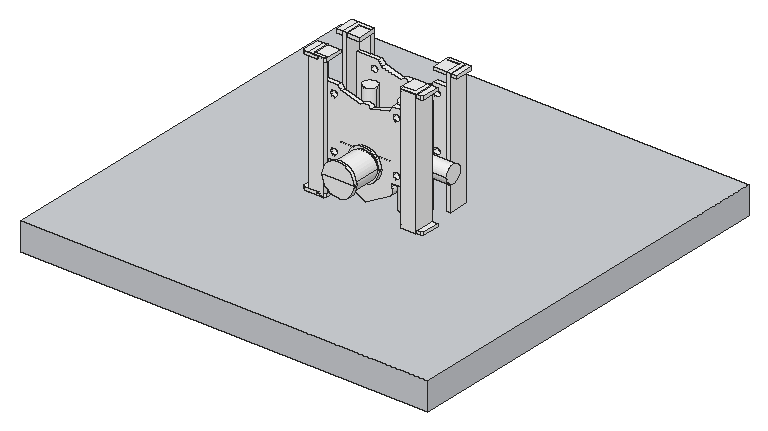
Revit family "Plumbing Fixture-Water_Closet_Carrier_Mifab_MC-15D", category Plumbing Fixtures, host Face, Revit 2013
Parameters
  WFU = 0
  URL = "www.mifab.com"
  Model = "MC-15D"
  Manufacturer = "MIFAB"
  Floor Drain Material = Paint - Sherwin Williams Paint - #952C2A - Bellwood Red
  Description = "Double,Vertical,Fixed,Offset From Stack Water Closet Carrier"
  Default Elevation = 0.000"
  Assembly Code = ""
Reference planes (in)
  plane 1 "Center (Front/Back)": y = 0
  plane 2: z = 0.76184
  plane 3 "Center (Left/Right)": x = 0
Forms (in)
  Extrusion 1, solid
    sketch origin (0, 0, 0) x (1, 0, 0) y (0, 1, 0)
      loop
        line (-28.875, 30.625) -> (-28.875, -27.20127) -> (30.01617, -27.20127) -> (30.01617, 30.625) -> (-28.875, 30.625)
    from 0.76184 to -3.23816
  Extrusion 2, solid, material "Paint - Sherwin Williams Paint - #952C2A - Bellwood Red"
    sketch origin (0.11956, -0.41155, -7.37525) x (1, 0, 0) y (0, 0, 1)
      loop
        line (-7.30593, 23.04283) -> (-7.30593, 10.16783) -> (-6.1042, 10.16783) -> (-6.1042, 12.75458)
        arc (-6.1042, 12.75458) -> (-6.01199, 12.96623) -> (-5.7942, 13.04283) r 0.28902
        line (-5.7942, 13.04283) -> (-4.07878, 13.04283)
        arc (-4.07878, 13.04283) -> (-3.77847, 12.89241) -> (-3.71908, 12.56182) r 0.375
        arc (-3.71908, 12.56182) -> (-3.93299, 11.98304) -> (-3.6544, 11.43246) r 0.77182
        line (-3.6544, 11.43246) -> (0, 9.32259) -> (3.6544, 11.43246)
        arc (3.6544, 11.43246) -> (3.93299, 11.98304) -> (3.71908, 12.56182) r 0.77182
        arc (3.71908, 12.56182) -> (3.77847, 12.89241) -> (4.07878, 13.04283) r 0.375
        line (4.07878, 13.04283) -> (5.7942, 13.04283)
        arc (5.7942, 13.04283) -> (6.01199, 12.96623) -> (6.1042, 12.75458) r 0.28902
        line (6.1042, 12.75458) -> (6.1042, 10.16783) -> (7.19278, 10.16783) -> (7.19278, 23.04283) -> (3.9842, 23.04283) -> (3.52337, 22.3847) -> (0.72608, 21.60568)
        arc (0.72608, 21.60568) -> (0, 21.94215) -> (-0.72608, 21.60568) r 0.95164
        line (-0.72608, 21.60568) -> (-3.52337, 22.3847) -> (-3.9842, 23.04283) -> (-7.30593, 23.04283)
      loop
        circle (-4.5, 21.75) r 0.5
      loop
        circle (-4.5, 14.25) r 0.5
      loop
        circle (4.5, 14.25) r 0.5
      loop
        circle (4.5, 21.75) r 0.5
    from 0 to 0.67137
  Extrusion 3, solid, material "Paint - Sherwin Williams Paint - #952C2A - Bellwood Red"
    sketch origin (0.06298, 0.23158, 25.63798) x (-1, 0, 0) y (0, -1, 0)
      loop
        line (5.55353, 1.84575) -> (5.31343, 1.60565) -> (5.31343, -0.9494) -> (8.625, -0.9494) -> (8.625, 1.60565) -> (8.3849, 1.84575) -> (5.55353, 1.84575)
      loop
        line (-5.55353, 1.84575) -> (-8.3849, 1.84575) -> (-8.625, 1.60565) -> (-8.625, -0.9494) -> (-5.31343, -0.9494) -> (-5.31343, 1.60565) -> (-5.55353, 1.84575)
    from -6.87613 to -7.32613
  Extrusion 4, solid, material "Paint - Sherwin Williams Paint - #952C2A - Bellwood Red"
    sketch origin (5.2515, -0.26364, -13.62525) x (1, 0, 0) y (0, 1, 0)
      loop
        circle (-1.1886, 3.15585) r 2
    from 4.08258 to 28.08258
  Extrusion 5, solid, material "Paint - Sherwin Williams Paint - #952C2A - Bellwood Red"
    sketch origin (0.06298, 0.23158, 0.91923) x (0, 1, 0) y (-1, 0, 0)
      loop
        line (-1.84575, 5.55353) -> (-1.60565, 5.31343) -> (0.9494, 5.31343) -> (0.9494, 8.625) -> (-1.60565, 8.625) -> (-1.84575, 8.3849) -> (-1.84575, 5.55353)
      loop
        line (-1.84575, -5.55353) -> (-1.84575, -8.3849) -> (-1.60565, -8.625) -> (0.9494, -8.625) -> (0.9494, -5.31343) -> (-1.60565, -5.31343) -> (-1.84575, -5.55353)
    from 0.24829 to -0.15738
  Revolve 6, solid, material "Paint - Sherwin Williams Paint - #952C2A - Bellwood Red"
    sketch origin (0.06298, 0.23158, 6.87475) x (1, 0, 0) y (0, 1, 0)
      loop
        line (0, -6.19996) -> (0, -1.3145) -> (-2, -1.3145) -> (-2.3265, -1.3145) -> (-2.3265, -1.69491) -> (-2, -1.69491) -> (-2, -5.81996) -> (-2.3265, -5.81996) -> (-2.3265, -6.19996) -> (0, -6.19996)
      axis (0, -6.19996) -> (0, -1.3145)
    angle from 0 to 360
  Extrusion 7, solid, material "Paint - Sherwin Williams Paint - #952C2A - Bellwood Red"
    sketch origin (-2.1906, -0.7013, 19.85693) x (0, -1, 0) y (1, 0, 0)
      loop
        circle (-3.61993, -0.2465) r 1
    from -14.78017 to -5.3996
  Extrusion 8, solid, material "Paint - Sherwin Williams Paint - #952C2A - Bellwood Red"
    sketch origin (-6.03264, -0.13209, -5.17634) x (0, 1, 0) y (0, 0, 1)
      loop
        circle (3.0243, 12.28344) r 1.25
    from 0.09554 to 15.59554
  Extrusion 9, solid, material "Paint - Sherwin Williams Paint - #952C2A - Bellwood Red"
    sketch origin (0.06298, -0.70992, -2.58248) x (1, 0, 0) y (0, 1, 0)
      loop
        line (-5.6092, -0.373) -> (-7.24936, -0.373) -> (-7.24936, 1.8909) -> (-7.78061, 1.8909) -> (-7.78061, -0.90425) -> (-5.6092, -0.90425) -> (-5.6092, -0.373)
      loop
        line (5.6092, -0.373) -> (5.6092, -0.90425) -> (7.78061, -0.90425) -> (7.78061, 1.8909) -> (7.24936, 1.8909) -> (7.24936, -0.373) -> (5.6092, -0.373)
    from 3.34433 to 21.34433
  Extrusion 10, solid, material "Paint - Sherwin Williams Paint - #952C2A - Bellwood Red"
    sketch origin (0.11956, 6.19596, -7.37525) x (1, 0, 0) y (0, 0, -1)
      loop
        line (-7.30593, -23.04283) -> (-3.9842, -23.04283) -> (-3.52337, -22.3847) -> (-0.72608, -21.60568)
        arc (-0.72608, -21.60568) -> (0, -21.94215) -> (0.72608, -21.60568) r 0.95164
        line (0.72608, -21.60568) -> (3.52337, -22.3847) -> (3.9842, -23.04283) -> (7.19278, -23.04283) -> (7.19278, -10.16783) -> (6.1042, -10.16783) -> (6.1042, -12.75458)
        arc (6.1042, -12.75458) -> (6.01199, -12.96623) -> (5.7942, -13.04283) r 0.28902
        line (5.7942, -13.04283) -> (4.07878, -13.04283)
        arc (4.07878, -13.04283) -> (3.77847, -12.89241) -> (3.71908, -12.56182) r 0.375
        arc (3.71908, -12.56182) -> (3.93299, -11.98304) -> (3.6544, -11.43246) r 0.77182
        line (3.6544, -11.43246) -> (0, -9.32259) -> (-3.6544, -11.43246)
        arc (-3.6544, -11.43246) -> (-3.93299, -11.98304) -> (-3.71908, -12.56182) r 0.77182
        arc (-3.71908, -12.56182) -> (-3.77847, -12.89241) -> (-4.07878, -13.04283) r 0.375
        line (-4.07878, -13.04283) -> (-5.7942, -13.04283)
        arc (-5.7942, -13.04283) -> (-6.01199, -12.96623) -> (-6.1042, -12.75458) r 0.28902
        line (-6.1042, -12.75458) -> (-6.1042, -10.16783) -> (-7.30593, -10.16783) -> (-7.30593, -23.04283)
      loop
        circle (-4.5, -21.75) r 0.5
      loop
        circle (-4.5, -14.25) r 0.5
      loop
        circle (4.5, -14.25) r 0.5
      loop
        circle (4.5, -21.75) r 0.5
    from 0 to 0.67137
  Extrusion 11, solid, material "Paint - Sherwin Williams Paint - #952C2A - Bellwood Red"
    sketch origin (0.06298, 5.55283, 25.63798) x (-1, 0, 0) y (0, -1, 0)
      loop
        line (5.55353, -1.84575) -> (8.3849, -1.84575) -> (8.625, -1.60565) -> (8.625, 0.9494) -> (5.31343, 0.9494) -> (5.31343, -1.60565) -> (5.55353, -1.84575)
      loop
        line (-5.55353, -1.84575) -> (-5.31343, -1.60565) -> (-5.31343, 0.9494) -> (-8.625, 0.9494) -> (-8.625, -1.60565) -> (-8.3849, -1.84575) -> (-5.55353, -1.84575)
    from -6.87613 to -7.32613
  Extrusion 12, solid, material "Paint - Sherwin Williams Paint - #952C2A - Bellwood Red"
    sketch origin (0.06298, 6.49433, -2.58248) x (1, 0, 0) y (0, 1, 0)
      loop
        line (-5.6092, 0.373) -> (-5.6092, 0.90425) -> (-7.78061, 0.90425) -> (-7.78061, -1.8909) -> (-7.24936, -1.8909) -> (-7.24936, 0.373) -> (-5.6092, 0.373)
      loop
        line (5.6092, 0.373) -> (7.24936, 0.373) -> (7.24936, -1.8909) -> (7.78061, -1.8909) -> (7.78061, 0.90425) -> (5.6092, 0.90425) -> (5.6092, 0.373)
    from 3.34433 to 21.34433
  Revolve 13, solid, material "Paint - Sherwin Williams Paint - #952C2A - Bellwood Red"
    sketch origin (0.06298, 5.73158, 6.87475) x (1, 0, 0) y (0, 1, 0)
      loop
        line (0, -6.14051) -> (0, 0.46438) -> (-2.35222, 0.46438) -> (-2.35222, -6.14051) -> (0, -6.14051)
      axis (0, -6.14051) -> (0, 0.46438)
    angle from 0 to 360
  Revolve 14, solid, material "Paint - Sherwin Williams Paint - #952C2A - Bellwood Red"
    sketch origin (0.06298, 5.55283, 6.87475) x (1, 0, 0) y (0, 1, 0)
      loop
        line (0, 6.19996) -> (-2.3265, 6.19996) -> (-2.3265, 5.81996) -> (-2, 5.81996) -> (-2, 1.69491) -> (-2.3265, 1.69491) -> (-2.3265, 1.3145) -> (-2, 1.3145) -> (0, 1.3145) -> (0, 6.19996)
      axis (0, 6.19996) -> (0, 1.3145)
    angle from 0 to 360
Lines and regions (in)
  model lines
    curve 1: line (1.03198, -0.05167, 0.76184) -> (4.06291, 0.89221, 0.76184)
Dimensions and locks (in)
  Extrusion 2 sketch curve to Extrusion 2 sketch curve = 7.500"
  Extrusion 10 sketch curve to Extrusion 10 sketch curve = 7.500"
  locked: Revolve 6 sketch curve to Extrusion 2 at 0.38041
  Revolve 6 sketch curve to Revolve 6 sketch curve = 0.380"
  Revolve 14 sketch curve to Revolve 14 sketch curve = 0.380"
  aligned and locked: plane 2 to Extrusion 1
  aligned and locked: Extrusion 7 to Extrusion 4
  aligned and locked: Revolve 6 sketch curve to Revolve 6 sketch curve  (x2)
  aligned and locked: Extrusion 2 to Extrusion 9  (x4)
  aligned and locked: Extrusion 3 to Extrusion 9  (x2)
  aligned and locked: Extrusion 12 to Extrusion 10  (x4)
  aligned and locked: Extrusion 12 to Extrusion 11  (x2)
  aligned and locked: Revolve 13 sketch curve to Revolve 13 sketch curve
  aligned and locked: Revolve 6 sketch curve to Extrusion 2
  aligned and locked: Revolve 14 sketch curve to Revolve 14 sketch curve  (x2)
Connectors (in)
  piping at (4.06291, 2.89221, -9.54267)
    settings: on Extrusion 4, index 7, connector radius 2", flow factor 0, pipe flow 0 GPM, pressure drop 0.00 psi, fitting loss kfactor 0, connector angle 0.00°, fixture units 0, engagement length 0.000", flow configuration 0, flow direction 0, fitting loss method 0, system type 7, joint type 0, gender type 0, connector reference index -1, connector utility 0, adjustable connector no, is connector primary yes, fitting loss table "", connector description ""
  piping at (9.56291, 2.89221, 7.1071)
    settings: on Extrusion 8, index 8, connector radius 1 1/4", flow factor 0, pipe flow 0 GPM, pressure drop 0.00 psi, fitting loss kfactor 0, connector angle 0.00°, fixture units 0, engagement length 0.000", flow configuration 0, flow direction 0, fitting loss method 0, system type 7, joint type 0, gender type 0, connector reference index -1, connector utility 0, adjustable connector no, is connector primary no, fitting loss table "", connector description ""
  piping at (-5.93709, 2.89221, 7.1071)
    settings: on Extrusion 8, index 9, connector radius 1 1/4", flow factor 0, pipe flow 0 GPM, pressure drop 0.00 psi, fitting loss kfactor 0, connector angle 0.00°, fixture units 0, engagement length 0.000", flow configuration 0, flow direction 0, fitting loss method 0, system type 7, joint type 0, gender type 0, connector reference index -1, connector utility 0, adjustable connector no, is connector primary no, fitting loss table "", connector description ""
  piping at (0.06298, -5.96838, 6.87475)
    settings: on Revolve 6, index 10, connector radius 2.3", flow factor 0, pipe flow 0 GPM, pressure drop 0.00 psi, fitting loss kfactor 0, connector angle 0.00°, fixture units 0, engagement length 0.000", flow configuration 0, flow direction 0, fitting loss method 0, system type 7, joint type 0, gender type 0, connector reference index -1, connector utility 0, adjustable connector no, is connector primary no, fitting loss table "", connector description ""
